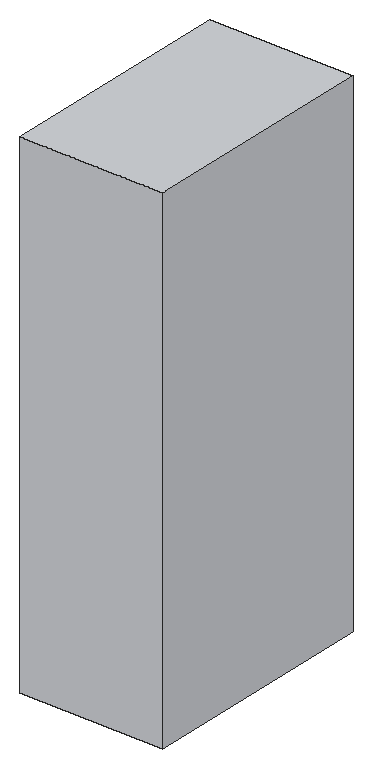
Revit family "SB15_RTU機櫃_600x1000x2100", category 電氣設備, Revit 2025
Family settings
  面板規劃 = 兩欄，回路穿越
  圓形接點標註 = 使用直徑
  組件類型 = 分電盤
  OmniClass 編號 = 23.80.30.11.17
  OmniClass 標題 = Distribution Boards and Control Panels
  以工作平面為基礎 = 否
  總是垂直 = 是
  載入時使用空心切割 = 否
  維持標註方位 = 否
  共用 = 否
  房間計算點 = 否
Parameters (values of type "RTU 與網路機櫃")
  built-in parameter 1155100 [instance] = -1
  Default Elevation = 0 mm
  built-in parameter 1140142 [instance] = -1
  SCADA_高mm [instance] = "2100"
  SCADA_附錄F項次 [instance] = "18"
  SCADA_附錄D項次 [instance] = "9"
  SCADA_編號 [instance] = "SB15-COMS-RTU-01"
  SCADA_站點 [instance] = "SB15"
  SCADA_深mm [instance] = "1000"
  SCADA_機櫃類型 [instance] = "RTU 與網路機櫃"
  SCADA_期別 [instance] = "第一期"
  SCADA_房間 [instance] = "COMS/SCADA 設備室"
  SCADA_建物 [instance] = "車站"
  SCADA_尺寸 [instance] = "600W×1000D×2100H"
  SCADA_寬mm [instance] = "600"
  SCADA_定位來源 [instance] = "獨立設備族群（載入專案後定位）"
  SCADA_備註 [instance] = ""
  SCADA_來源文件 [instance] = "Installation SoW_V6（Rev.006, 2026-07-02）附錄 D / F；依原文顏色標示排除已刪除項目"
  SCADA_UPS電源110V [instance] = "雙 UPS 電源（2×4500VA）"
  built-in parameter 1140140 [instance] = 1 (stored number, unit not read)
Reference planes
  plane 1 "中心 (前/後)": y = 0
  plane 2: z = 0
  plane 3 "中心 (左/右)": x = 0
Forms (mm)
  Extrusion 1, solid
    sketch origin (0, 0, 0) x (1, 0, 0) y (0, 1, 0)
      loop
        line (-300, -500) -> (300, -500) -> (300, 500) -> (-300, 500) -> (-300, -500)
    from 0 to 2100
Lines and regions (mm)
  symbolic lines, style "開門線"
    curve 1: line (300, -500, 0) -> (300, -1100, 0)
    curve 2: arc (-300, -500, 0) -> (-124.264, -924.264, 0) -> (300, -1100, 0) r 600
    curve 3: line (-300, 500, 0) -> (-300, 1100, 0)
    curve 4: arc (300, 500, 0) -> (124.264, 924.264, 0) -> (-300, 1100, 0) r 600
Dimensions and locks
  aligned and locked: level to plane 2
